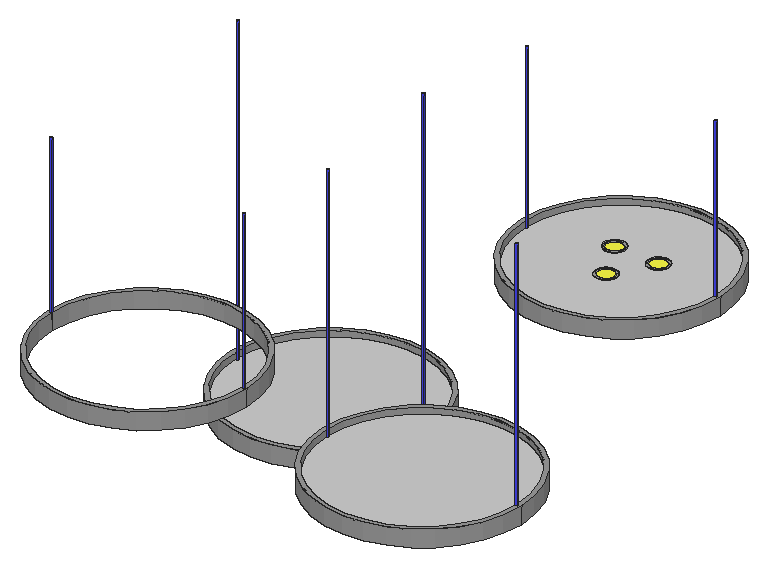
Revit family "CLD-FMD-009_CLUD MORPH_RFA", category Modelos genéricos, Revit 2022 (continued)
Forms (in)
  Extrusion 236, solid, not visible
    sketch origin (0.11662, 0.00149, -1.20924) x (0, 1, 0) y (0, 0, -1)
      loop
        line (0.96881, 1.14538) -> (0.96881, -1.85462) -> (0.65631, -1.85462) -> (0.65631, -2.35462) -> (0.96881, -2.35462) -> (3.48948, -2.35462) -> (3.48948, -0.60462) -> (4.19814, -0.60462) -> (4.19814, -2.35462) -> (9.23948, -2.35462) -> (9.23948, -0.60462) -> (9.94814, -0.60462) -> (9.94814, -2.35462) -> (14.98948, -2.35462) -> (14.98948, -0.60462) -> (15.69814, -0.60462) -> (15.69814, -2.35462) -> (20.73948, -2.35462) -> (20.73948, -0.60462) -> (21.44814, -0.60462) -> (21.44814, -2.35462) -> (24.28131, -2.35462) -> (24.28131, -1.85462) -> (23.96881, -1.85462) -> (23.96881, 1.14538) -> (0.96881, 1.14538)
    from -3.96341 to -3.49097
  Extrusion 237, solid, not visible
    sketch origin (-0.00149, 0.00149, -1.20924) x (0, 1, 0) y (0, 0, -1)
      loop
        line (0.96881, 1.14538) -> (0.96881, -1.85462) -> (0.65631, -1.85462) -> (0.65631, -2.35462) -> (0.96881, -2.35462) -> (3.48948, -2.35462) -> (3.48948, -0.60462) -> (4.19814, -0.60462) -> (4.19814, -2.35462) -> (9.23948, -2.35462) -> (9.23948, -0.60462) -> (9.94814, -0.60462) -> (9.94814, -2.35462) -> (14.98948, -2.35462) -> (14.98948, -0.60462) -> (15.69814, -0.60462) -> (15.69814, -2.35462) -> (20.73948, -2.35462) -> (20.73948, -0.60462) -> (21.44814, -0.60462) -> (21.44814, -2.35462) -> (24.28131, -2.35462) -> (24.28131, -1.85462) -> (23.96881, -1.85462) -> (23.96881, 1.14538) -> (0.96881, 1.14538)
    from -4.19963 to -4.08152
  Extrusion 238, solid, not visible
    sketch origin (0, 0, 0) x (1, 0, 0) y (0, 0, 1)
      loop
        line (0.96881, 0.64538) -> (0.96881, -2.35462) -> (3.48948, -2.35462) -> (3.48948, -0.60462) -> (4.19814, -0.60462) -> (4.19814, -2.35462) -> (9.23948, -2.35462) -> (9.23948, -0.60462) -> (9.94814, -0.60462) -> (9.94814, -2.35462) -> (14.98948, -2.35462) -> (14.98948, -0.60462) -> (15.69814, -0.60462) -> (15.69814, -2.35462) -> (20.73948, -2.35462) -> (20.73948, -0.60462) -> (21.44814, -0.60462) -> (21.44814, -2.35462) -> (23.96881, -2.35462) -> (23.96881, 0.64538) -> (24.28131, 0.64538) -> (24.28131, 1.14538) -> (0.65631, 1.14538) -> (0.65631, 0.64538) -> (0.96881, 0.64538)
    from -3.60908 to -3.49097
  Extrusion 239, solid, not visible
    sketch origin (0, 0, 0) x (1, 0, 0) y (0, 0, 1)
      loop
        line (0.96881, 0.64538) -> (0.96881, -2.35462) -> (3.48948, -2.35462) -> (3.48948, -0.60462) -> (4.19814, -0.60462) -> (4.19814, -2.35462) -> (9.23948, -2.35462) -> (9.23948, -0.60462) -> (9.94814, -0.60462) -> (9.94814, -2.35462) -> (14.98948, -2.35462) -> (14.98948, -0.60462) -> (15.69814, -0.60462) -> (15.69814, -2.35462) -> (20.73948, -2.35462) -> (20.73948, -0.60462) -> (21.44814, -0.60462) -> (21.44814, -2.35462) -> (23.96881, -2.35462) -> (23.96881, 0.64538) -> (24.28131, 0.64538) -> (24.28131, 1.14538) -> (0.65631, 1.14538) -> (0.65631, 0.64538) -> (0.96881, 0.64538)
    from -4.08152 to -3.60908
  Extrusion 240, solid, not visible
    sketch origin (0, 0, 0) x (1, 0, 0) y (0, 0, 1)
      loop
        line (0.96881, 0.64538) -> (0.96881, -2.35462) -> (3.48948, -2.35462) -> (3.48948, -0.60462) -> (4.19814, -0.60462) -> (4.19814, -2.35462) -> (9.23948, -2.35462) -> (9.23948, -0.60462) -> (9.94814, -0.60462) -> (9.94814, -2.35462) -> (14.98948, -2.35462) -> (14.98948, -0.60462) -> (15.69814, -0.60462) -> (15.69814, -2.35462) -> (20.73948, -2.35462) -> (20.73948, -0.60462) -> (21.44814, -0.60462) -> (21.44814, -2.35462) -> (23.96881, -2.35462) -> (23.96881, 0.64538) -> (24.28131, 0.64538) -> (24.28131, 1.14538) -> (0.65631, 1.14538) -> (0.65631, 0.64538) -> (0.96881, 0.64538)
    from -4.19963 to -4.08152
  Extrusion 241, solid, not visible
    sketch origin (0, 0, 0) x (1, 0, 0) y (0, 0, 1)
      loop
        line (0.96881, 0.64538) -> (0.96881, -2.35462) -> (3.48948, -2.35462) -> (3.48948, -0.60462) -> (4.19814, -0.60462) -> (4.19814, -2.35462) -> (9.23948, -2.35462) -> (9.23948, -0.60462) -> (9.94814, -0.60462) -> (9.94814, -2.35462) -> (14.98948, -2.35462) -> (14.98948, -0.60462) -> (15.69814, -0.60462) -> (15.69814, -2.35462) -> (20.73948, -2.35462) -> (20.73948, -0.60462) -> (21.44814, -0.60462) -> (21.44814, -2.35462) -> (23.96881, -2.35462) -> (23.96881, 0.64538) -> (24.28131, 0.64538) -> (24.28131, 1.14538) -> (0.65631, 1.14538) -> (0.65631, 0.64538) -> (0.96881, 0.64538)
    from -9.94963 to -9.83152
  Extrusion 242, solid, not visible
    sketch origin (0, 0, 0) x (1, 0, 0) y (0, 0, 1)
      loop
        line (0.96881, 0.64538) -> (0.96881, -2.35462) -> (3.48948, -2.35462) -> (3.48948, -0.60462) -> (4.19814, -0.60462) -> (4.19814, -2.35462) -> (9.23948, -2.35462) -> (9.23948, -0.60462) -> (9.94814, -0.60462) -> (9.94814, -2.35462) -> (14.98948, -2.35462) -> (14.98948, -0.60462) -> (15.69814, -0.60462) -> (15.69814, -2.35462) -> (20.73948, -2.35462) -> (20.73948, -0.60462) -> (21.44814, -0.60462) -> (21.44814, -2.35462) -> (23.96881, -2.35462) -> (23.96881, 0.64538) -> (24.28131, 0.64538) -> (24.28131, 1.14538) -> (0.65631, 1.14538) -> (0.65631, 0.64538) -> (0.96881, 0.64538)
    from -9.35908 to -9.24097
  Extrusion 243, solid, not visible
    sketch origin (0, 0, 0) x (1, 0, 0) y (0, 0, 1)
      loop
        line (0.96881, 0.64538) -> (0.96881, -2.35462) -> (3.48948, -2.35462) -> (3.48948, -0.60462) -> (4.19814, -0.60462) -> (4.19814, -2.35462) -> (9.23948, -2.35462) -> (9.23948, -0.60462) -> (9.94814, -0.60462) -> (9.94814, -2.35462) -> (14.98948, -2.35462) -> (14.98948, -0.60462) -> (15.69814, -0.60462) -> (15.69814, -2.35462) -> (20.73948, -2.35462) -> (20.73948, -0.60462) -> (21.44814, -0.60462) -> (21.44814, -2.35462) -> (23.96881, -2.35462) -> (23.96881, 0.64538) -> (24.28131, 0.64538) -> (24.28131, 1.14538) -> (0.65631, 1.14538) -> (0.65631, 0.64538) -> (0.96881, 0.64538)
    from -9.83152 to -9.35908
  Extrusion 244, solid, not visible
    sketch origin (0, 0, 0) x (1, 0, 0) y (0, 0, 1)
      loop
        line (0.96881, 0.64538) -> (0.96881, -2.35462) -> (3.48948, -2.35462) -> (3.48948, -0.60462) -> (4.19814, -0.60462) -> (4.19814, -2.35462) -> (9.23948, -2.35462) -> (9.23948, -0.60462) -> (9.94814, -0.60462) -> (9.94814, -2.35462) -> (14.98948, -2.35462) -> (14.98948, -0.60462) -> (15.69814, -0.60462) -> (15.69814, -2.35462) -> (20.73948, -2.35462) -> (20.73948, -0.60462) -> (21.44814, -0.60462) -> (21.44814, -2.35462) -> (23.96881, -2.35462) -> (23.96881, 0.64538) -> (24.28131, 0.64538) -> (24.28131, 1.14538) -> (0.65631, 1.14538) -> (0.65631, 0.64538) -> (0.96881, 0.64538)
    from -15.69963 to -15.58152
  Extrusion 245, solid, not visible
    sketch origin (0, 0, 0) x (1, 0, 0) y (0, 0, 1)
      loop
        line (0.96881, 0.64538) -> (0.96881, -2.35462) -> (3.48948, -2.35462) -> (3.48948, -0.60462) -> (4.19814, -0.60462) -> (4.19814, -2.35462) -> (9.23948, -2.35462) -> (9.23948, -0.60462) -> (9.94814, -0.60462) -> (9.94814, -2.35462) -> (14.98948, -2.35462) -> (14.98948, -0.60462) -> (15.69814, -0.60462) -> (15.69814, -2.35462) -> (20.73948, -2.35462) -> (20.73948, -0.60462) -> (21.44814, -0.60462) -> (21.44814, -2.35462) -> (23.96881, -2.35462) -> (23.96881, 0.64538) -> (24.28131, 0.64538) -> (24.28131, 1.14538) -> (0.65631, 1.14538) -> (0.65631, 0.64538) -> (0.96881, 0.64538)
    from -15.10908 to -14.99097
  Extrusion 246, solid, not visible
    sketch origin (0, 0, 0) x (1, 0, 0) y (0, 0, 1)
      loop
        line (0.96881, 0.64538) -> (0.96881, -2.35462) -> (3.48948, -2.35462) -> (3.48948, -0.60462) -> (4.19814, -0.60462) -> (4.19814, -2.35462) -> (9.23948, -2.35462) -> (9.23948, -0.60462) -> (9.94814, -0.60462) -> (9.94814, -2.35462) -> (14.98948, -2.35462) -> (14.98948, -0.60462) -> (15.69814, -0.60462) -> (15.69814, -2.35462) -> (20.73948, -2.35462) -> (20.73948, -0.60462) -> (21.44814, -0.60462) -> (21.44814, -2.35462) -> (23.96881, -2.35462) -> (23.96881, 0.64538) -> (24.28131, 0.64538) -> (24.28131, 1.14538) -> (0.65631, 1.14538) -> (0.65631, 0.64538) -> (0.96881, 0.64538)
    from -15.58152 to -15.10908
  Extrusion 247, solid, not visible
    sketch origin (0, 0, 0) x (1, 0, 0) y (0, 0, 1)
      loop
        line (0.96881, 0.64538) -> (0.96881, -2.35462) -> (3.48948, -2.35462) -> (3.48948, -0.60462) -> (4.19814, -0.60462) -> (4.19814, -2.35462) -> (9.23948, -2.35462) -> (9.23948, -0.60462) -> (9.94814, -0.60462) -> (9.94814, -2.35462) -> (14.98948, -2.35462) -> (14.98948, -0.60462) -> (15.69814, -0.60462) -> (15.69814, -2.35462) -> (20.73948, -2.35462) -> (20.73948, -0.60462) -> (21.44814, -0.60462) -> (21.44814, -2.35462) -> (23.96881, -2.35462) -> (23.96881, 0.64538) -> (24.28131, 0.64538) -> (24.28131, 1.14538) -> (0.65631, 1.14538) -> (0.65631, 0.64538) -> (0.96881, 0.64538)
    from -21.44963 to -21.33152
  Extrusion 248, solid, not visible
    sketch origin (0, 0, 0) x (1, 0, 0) y (0, 0, 1)
      loop
        line (0.96881, 0.64538) -> (0.96881, -2.35462) -> (3.48948, -2.35462) -> (3.48948, -0.60462) -> (4.19814, -0.60462) -> (4.19814, -2.35462) -> (9.23948, -2.35462) -> (9.23948, -0.60462) -> (9.94814, -0.60462) -> (9.94814, -2.35462) -> (14.98948, -2.35462) -> (14.98948, -0.60462) -> (15.69814, -0.60462) -> (15.69814, -2.35462) -> (20.73948, -2.35462) -> (20.73948, -0.60462) -> (21.44814, -0.60462) -> (21.44814, -2.35462) -> (23.96881, -2.35462) -> (23.96881, 0.64538) -> (24.28131, 0.64538) -> (24.28131, 1.14538) -> (0.65631, 1.14538) -> (0.65631, 0.64538) -> (0.96881, 0.64538)
    from -20.85908 to -20.74097
  Extrusion 249, solid, not visible
    sketch origin (0, 0, 0) x (1, 0, 0) y (0, 0, 1)
      loop
        line (0.96881, 0.64538) -> (0.96881, -2.35462) -> (3.48948, -2.35462) -> (3.48948, -0.60462) -> (4.19814, -0.60462) -> (4.19814, -2.35462) -> (9.23948, -2.35462) -> (9.23948, -0.60462) -> (9.94814, -0.60462) -> (9.94814, -2.35462) -> (14.98948, -2.35462) -> (14.98948, -0.60462) -> (15.69814, -0.60462) -> (15.69814, -2.35462) -> (20.73948, -2.35462) -> (20.73948, -0.60462) -> (21.44814, -0.60462) -> (21.44814, -2.35462) -> (23.96881, -2.35462) -> (23.96881, 0.64538) -> (24.28131, 0.64538) -> (24.28131, 1.14538) -> (0.65631, 1.14538) -> (0.65631, 0.64538) -> (0.96881, 0.64538)
    from -21.33152 to -20.85908
  Extrusion 250, solid, not visible
    sketch origin (-0.00149, 0.00149, -1.20924) x (0, 1, 0) y (0, 0, -1)
      loop
        line (0.96881, 1.14538) -> (0.96881, -1.85462) -> (0.65631, -1.85462) -> (0.65631, -2.35462) -> (0.96881, -2.35462) -> (3.48948, -2.35462) -> (3.48948, -0.60462) -> (4.19814, -0.60462) -> (4.19814, -2.35462) -> (9.23948, -2.35462) -> (9.23948, -0.60462) -> (9.94814, -0.60462) -> (9.94814, -2.35462) -> (14.98948, -2.35462) -> (14.98948, -0.60462) -> (15.69814, -0.60462) -> (15.69814, -2.35462) -> (20.73948, -2.35462) -> (20.73948, -0.60462) -> (21.44814, -0.60462) -> (21.44814, -2.35462) -> (24.28131, -2.35462) -> (24.28131, -1.85462) -> (23.96881, -1.85462) -> (23.96881, 1.14538) -> (0.96881, 1.14538)
    from -3.60908 to -3.49097
  Extrusion 251, solid, not visible
    sketch origin (0.11662, 0.00149, -1.20924) x (0, 1, 0) y (0, 0, -1)
      loop
        line (0.96881, 1.14538) -> (0.96881, -1.85462) -> (0.65631, -1.85462) -> (0.65631, -2.35462) -> (0.96881, -2.35462) -> (3.48948, -2.35462) -> (3.48948, -0.60462) -> (4.19814, -0.60462) -> (4.19814, -2.35462) -> (9.23948, -2.35462) -> (9.23948, -0.60462) -> (9.94814, -0.60462) -> (9.94814, -2.35462) -> (14.98948, -2.35462) -> (14.98948, -0.60462) -> (15.69814, -0.60462) -> (15.69814, -2.35462) -> (20.73948, -2.35462) -> (20.73948, -0.60462) -> (21.44814, -0.60462) -> (21.44814, -2.35462) -> (24.28131, -2.35462) -> (24.28131, -1.85462) -> (23.96881, -1.85462) -> (23.96881, 1.14538) -> (0.96881, 1.14538)
    from -3.96341 to -3.49097
  Extrusion 252, solid, not visible
    sketch origin (-0.00149, 0.00149, -1.20924) x (0, 1, 0) y (0, 0, -1)
      loop
        line (0.96881, 1.14538) -> (0.96881, -1.85462) -> (0.65631, -1.85462) -> (0.65631, -2.35462) -> (0.96881, -2.35462) -> (3.48948, -2.35462) -> (3.48948, -0.60462) -> (4.19814, -0.60462) -> (4.19814, -2.35462) -> (9.23948, -2.35462) -> (9.23948, -0.60462) -> (9.94814, -0.60462) -> (9.94814, -2.35462) -> (14.98948, -2.35462) -> (14.98948, -0.60462) -> (15.69814, -0.60462) -> (15.69814, -2.35462) -> (20.73948, -2.35462) -> (20.73948, -0.60462) -> (21.44814, -0.60462) -> (21.44814, -2.35462) -> (24.28131, -2.35462) -> (24.28131, -1.85462) -> (23.96881, -1.85462) -> (23.96881, 1.14538) -> (0.96881, 1.14538)
    from -4.19963 to -4.08152
  Extrusion 253, solid, not visible
    sketch origin (5.74851, 0.00149, -1.20924) x (0, 1, 0) y (0, 0, -1)
      loop
        line (0.96881, 1.14538) -> (0.96881, -1.85462) -> (0.65631, -1.85462) -> (0.65631, -2.35462) -> (0.96881, -2.35462) -> (3.48948, -2.35462) -> (3.48948, -0.60462) -> (4.19814, -0.60462) -> (4.19814, -2.35462) -> (9.23948, -2.35462) -> (9.23948, -0.60462) -> (9.94814, -0.60462) -> (9.94814, -2.35462) -> (14.98948, -2.35462) -> (14.98948, -0.60462) -> (15.69814, -0.60462) -> (15.69814, -2.35462) -> (20.73948, -2.35462) -> (20.73948, -0.60462) -> (21.44814, -0.60462) -> (21.44814, -2.35462) -> (24.28131, -2.35462) -> (24.28131, -1.85462) -> (23.96881, -1.85462) -> (23.96881, 1.14538) -> (0.96881, 1.14538)
    from -4.19963 to -4.08152
  Extrusion 254, solid, not visible
    sketch origin (5.15796, 0.00149, -1.20924) x (0, 1, 0) y (0, 0, -1)
      loop
        line (0.96881, 1.14538) -> (0.96881, -1.85462) -> (0.65631, -1.85462) -> (0.65631, -2.35462) -> (0.96881, -2.35462) -> (3.48948, -2.35462) -> (3.48948, -0.60462) -> (4.19814, -0.60462) -> (4.19814, -2.35462) -> (9.23948, -2.35462) -> (9.23948, -0.60462) -> (9.94814, -0.60462) -> (9.94814, -2.35462) -> (14.98948, -2.35462) -> (14.98948, -0.60462) -> (15.69814, -0.60462) -> (15.69814, -2.35462) -> (20.73948, -2.35462) -> (20.73948, -0.60462) -> (21.44814, -0.60462) -> (21.44814, -2.35462) -> (24.28131, -2.35462) -> (24.28131, -1.85462) -> (23.96881, -1.85462) -> (23.96881, 1.14538) -> (0.96881, 1.14538)
    from -4.19963 to -4.08152
  Extrusion 255, solid, not visible
    sketch origin (11.49851, 0.00149, -1.20924) x (0, 1, 0) y (0, 0, -1)
      loop
        line (0.96881, 1.14538) -> (0.96881, -1.85462) -> (0.65631, -1.85462) -> (0.65631, -2.35462) -> (0.96881, -2.35462) -> (3.48948, -2.35462) -> (3.48948, -0.60462) -> (4.19814, -0.60462) -> (4.19814, -2.35462) -> (9.23948, -2.35462) -> (9.23948, -0.60462) -> (9.94814, -0.60462) -> (9.94814, -2.35462) -> (14.98948, -2.35462) -> (14.98948, -0.60462) -> (15.69814, -0.60462) -> (15.69814, -2.35462) -> (20.73948, -2.35462) -> (20.73948, -0.60462) -> (21.44814, -0.60462) -> (21.44814, -2.35462) -> (24.28131, -2.35462) -> (24.28131, -1.85462) -> (23.96881, -1.85462) -> (23.96881, 1.14538) -> (0.96881, 1.14538)
    from -4.19963 to -4.08152
  Extrusion 256, solid, not visible
    sketch origin (10.90796, 0.00149, -1.20924) x (0, 1, 0) y (0, 0, -1)
      loop
        line (0.96881, 1.14538) -> (0.96881, -1.85462) -> (0.65631, -1.85462) -> (0.65631, -2.35462) -> (0.96881, -2.35462) -> (3.48948, -2.35462) -> (3.48948, -0.60462) -> (4.19814, -0.60462) -> (4.19814, -2.35462) -> (9.23948, -2.35462) -> (9.23948, -0.60462) -> (9.94814, -0.60462) -> (9.94814, -2.35462) -> (14.98948, -2.35462) -> (14.98948, -0.60462) -> (15.69814, -0.60462) -> (15.69814, -2.35462) -> (20.73948, -2.35462) -> (20.73948, -0.60462) -> (21.44814, -0.60462) -> (21.44814, -2.35462) -> (24.28131, -2.35462) -> (24.28131, -1.85462) -> (23.96881, -1.85462) -> (23.96881, 1.14538) -> (0.96881, 1.14538)
    from -4.19963 to -4.08152
  Extrusion 257, solid, not visible
    sketch origin (16.65796, 0.00149, -1.20924) x (0, 1, 0) y (0, 0, -1)
      loop
        line (0.96881, 1.14538) -> (0.96881, -1.85462) -> (0.65631, -1.85462) -> (0.65631, -2.35462) -> (0.96881, -2.35462) -> (3.48948, -2.35462) -> (3.48948, -0.60462) -> (4.19814, -0.60462) -> (4.19814, -2.35462) -> (9.23948, -2.35462) -> (9.23948, -0.60462) -> (9.94814, -0.60462) -> (9.94814, -2.35462) -> (14.98948, -2.35462) -> (14.98948, -0.60462) -> (15.69814, -0.60462) -> (15.69814, -2.35462) -> (20.73948, -2.35462) -> (20.73948, -0.60462) -> (21.44814, -0.60462) -> (21.44814, -2.35462) -> (24.28131, -2.35462) -> (24.28131, -1.85462) -> (23.96881, -1.85462) -> (23.96881, 1.14538) -> (0.96881, 1.14538)
    from -4.19963 to -4.08152
  Extrusion 258, solid, not visible
    sketch origin (17.24851, 0.00149, -1.20924) x (0, 1, 0) y (0, 0, -1)
      loop
        line (0.96881, 1.14538) -> (0.96881, -1.85462) -> (0.65631, -1.85462) -> (0.65631, -2.35462) -> (0.96881, -2.35462) -> (3.48948, -2.35462) -> (3.48948, -0.60462) -> (4.19814, -0.60462) -> (4.19814, -2.35462) -> (9.23948, -2.35462) -> (9.23948, -0.60462) -> (9.94814, -0.60462) -> (9.94814, -2.35462) -> (14.98948, -2.35462) -> (14.98948, -0.60462) -> (15.69814, -0.60462) -> (15.69814, -2.35462) -> (20.73948, -2.35462) -> (20.73948, -0.60462) -> (21.44814, -0.60462) -> (21.44814, -2.35462) -> (24.28131, -2.35462) -> (24.28131, -1.85462) -> (23.96881, -1.85462) -> (23.96881, 1.14538) -> (0.96881, 1.14538)
    from -4.19963 to -4.08152
  Extrusion 259, solid, not visible
    sketch origin (5.86662, 0.00149, -1.20924) x (0, 1, 0) y (0, 0, -1)
      loop
        line (0.96881, 1.14538) -> (0.96881, -1.85462) -> (0.65631, -1.85462) -> (0.65631, -2.35462) -> (0.96881, -2.35462) -> (3.48948, -2.35462) -> (3.48948, -0.60462) -> (4.19814, -0.60462) -> (4.19814, -2.35462) -> (9.23948, -2.35462) -> (9.23948, -0.60462) -> (9.94814, -0.60462) -> (9.94814, -2.35462) -> (14.98948, -2.35462) -> (14.98948, -0.60462) -> (15.69814, -0.60462) -> (15.69814, -2.35462) -> (20.73948, -2.35462) -> (20.73948, -0.60462) -> (21.44814, -0.60462) -> (21.44814, -2.35462) -> (24.28131, -2.35462) -> (24.28131, -1.85462) -> (23.96881, -1.85462) -> (23.96881, 1.14538) -> (0.96881, 1.14538)
    from -3.96341 to -3.49097
  Extrusion 260, solid, not visible
    sketch origin (11.61662, 0.00149, -1.20924) x (0, 1, 0) y (0, 0, -1)
      loop
        line (0.96881, 1.14538) -> (0.96881, -1.85462) -> (0.65631, -1.85462) -> (0.65631, -2.35462) -> (0.96881, -2.35462) -> (3.48948, -2.35462) -> (3.48948, -0.60462) -> (4.19814, -0.60462) -> (4.19814, -2.35462) -> (9.23948, -2.35462) -> (9.23948, -0.60462) -> (9.94814, -0.60462) -> (9.94814, -2.35462) -> (14.98948, -2.35462) -> (14.98948, -0.60462) -> (15.69814, -0.60462) -> (15.69814, -2.35462) -> (20.73948, -2.35462) -> (20.73948, -0.60462) -> (21.44814, -0.60462) -> (21.44814, -2.35462) -> (24.28131, -2.35462) -> (24.28131, -1.85462) -> (23.96881, -1.85462) -> (23.96881, 1.14538) -> (0.96881, 1.14538)
    from -3.96341 to -3.49097
  Extrusion 261, solid, not visible
    sketch origin (17.36662, 0.00149, -1.20924) x (0, 1, 0) y (0, 0, -1)
      loop
        line (0.96881, 1.14538) -> (0.96881, -1.85462) -> (0.65631, -1.85462) -> (0.65631, -2.35462) -> (0.96881, -2.35462) -> (3.48948, -2.35462) -> (3.48948, -0.60462) -> (4.19814, -0.60462) -> (4.19814, -2.35462) -> (9.23948, -2.35462) -> (9.23948, -0.60462) -> (9.94814, -0.60462) -> (9.94814, -2.35462) -> (14.98948, -2.35462) -> (14.98948, -0.60462) -> (15.69814, -0.60462) -> (15.69814, -2.35462) -> (20.73948, -2.35462) -> (20.73948, -0.60462) -> (21.44814, -0.60462) -> (21.44814, -2.35462) -> (24.28131, -2.35462) -> (24.28131, -1.85462) -> (23.96881, -1.85462) -> (23.96881, 1.14538) -> (0.96881, 1.14538)
    from -3.96341 to -3.49097
  Extrusion 262, solid, not visible
    sketch origin (0, 0, 0) x (1, 0, 0) y (0, 0, 1)
      loop
        line (0.96881, 0.64538) -> (0.96881, -2.35462) -> (3.48948, -2.35462) -> (3.48948, -0.60462) -> (4.19814, -0.60462) -> (4.19814, -2.35462) -> (9.23948, -2.35462) -> (9.23948, -0.60462) -> (9.94814, -0.60462) -> (9.94814, -2.35462) -> (14.98948, -2.35462) -> (14.98948, -0.60462) -> (15.69814, -0.60462) -> (15.69814, -2.35462) -> (20.73948, -2.35462) -> (20.73948, -0.60462) -> (21.44814, -0.60462) -> (21.44814, -2.35462) -> (23.96881, -2.35462) -> (23.96881, 0.64538) -> (24.28131, 0.64538) -> (24.28131, 1.14538) -> (0.65631, 1.14538) -> (0.65631, 0.64538) -> (0.96881, 0.64538)
    from -3.60908 to -3.49097
  Extrusion 263, solid, not visible
    sketch origin (0, 0, 0) x (1, 0, 0) y (0, 0, 1)
      loop
        line (0.96881, 0.64538) -> (0.96881, -2.35462) -> (3.48948, -2.35462) -> (3.48948, -0.60462) -> (4.19814, -0.60462) -> (4.19814, -2.35462) -> (9.23948, -2.35462) -> (9.23948, -0.60462) -> (9.94814, -0.60462) -> (9.94814, -2.35462) -> (14.98948, -2.35462) -> (14.98948, -0.60462) -> (15.69814, -0.60462) -> (15.69814, -2.35462) -> (20.73948, -2.35462) -> (20.73948, -0.60462) -> (21.44814, -0.60462) -> (21.44814, -2.35462) -> (23.96881, -2.35462) -> (23.96881, 0.64538) -> (24.28131, 0.64538) -> (24.28131, 1.14538) -> (0.65631, 1.14538) -> (0.65631, 0.64538) -> (0.96881, 0.64538)
    from -4.08152 to -3.60908
  Extrusion 264, solid, not visible
    sketch origin (0, 0, 0) x (1, 0, 0) y (0, 0, 1)
      loop
        line (0.96881, 0.64538) -> (0.96881, -2.35462) -> (3.48948, -2.35462) -> (3.48948, -0.60462) -> (4.19814, -0.60462) -> (4.19814, -2.35462) -> (9.23948, -2.35462) -> (9.23948, -0.60462) -> (9.94814, -0.60462) -> (9.94814, -2.35462) -> (14.98948, -2.35462) -> (14.98948, -0.60462) -> (15.69814, -0.60462) -> (15.69814, -2.35462) -> (20.73948, -2.35462) -> (20.73948, -0.60462) -> (21.44814, -0.60462) -> (21.44814, -2.35462) -> (23.96881, -2.35462) -> (23.96881, 0.64538) -> (24.28131, 0.64538) -> (24.28131, 1.14538) -> (0.65631, 1.14538) -> (0.65631, 0.64538) -> (0.96881, 0.64538)
    from -4.19963 to -4.08152
  Extrusion 265, solid, not visible
    sketch origin (-0.00149, 0.00149, -1.20924) x (0, 1, 0) y (0, 0, -1)
      loop
        line (0.96881, 1.14538) -> (0.96881, -1.85462) -> (0.65631, -1.85462) -> (0.65631, -2.35462) -> (0.96881, -2.35462) -> (3.48948, -2.35462) -> (3.48948, -0.60462) -> (4.19814, -0.60462) -> (4.19814, -2.35462) -> (9.23948, -2.35462) -> (9.23948, -0.60462) -> (9.94814, -0.60462) -> (9.94814, -2.35462) -> (14.98948, -2.35462) -> (14.98948, -0.60462) -> (15.69814, -0.60462) -> (15.69814, -2.35462) -> (20.73948, -2.35462) -> (20.73948, -0.60462) -> (21.44814, -0.60462) -> (21.44814, -2.35462) -> (24.28131, -2.35462) -> (24.28131, -1.85462) -> (23.96881, -1.85462) -> (23.96881, 1.14538) -> (0.96881, 1.14538)
    from -3.60908 to -3.49097
  Extrusion 266, solid, not visible
    sketch origin (0.11662, 0.00149, -1.20924) x (0, 1, 0) y (0, 0, -1)
      loop
        line (0.96881, 1.14538) -> (0.96881, -1.85462) -> (0.65631, -1.85462) -> (0.65631, -2.35462) -> (0.96881, -2.35462) -> (3.48948, -2.35462) -> (3.48948, -0.60462) -> (4.19814, -0.60462) -> (4.19814, -2.35462) -> (9.23948, -2.35462) -> (9.23948, -0.60462) -> (9.94814, -0.60462) -> (9.94814, -2.35462) -> (14.98948, -2.35462) -> (14.98948, -0.60462) -> (15.69814, -0.60462) -> (15.69814, -2.35462) -> (20.73948, -2.35462) -> (20.73948, -0.60462) -> (21.44814, -0.60462) -> (21.44814, -2.35462) -> (24.28131, -2.35462) -> (24.28131, -1.85462) -> (23.96881, -1.85462) -> (23.96881, 1.14538) -> (0.96881, 1.14538)
    from -3.96341 to -3.49097
  Extrusion 267, solid, not visible
    sketch origin (-0.00149, 0.00149, -1.20924) x (0, 1, 0) y (0, 0, -1)
      loop
        line (0.96881, 1.14538) -> (0.96881, -1.85462) -> (0.65631, -1.85462) -> (0.65631, -2.35462) -> (0.96881, -2.35462) -> (3.48948, -2.35462) -> (3.48948, -0.60462) -> (4.19814, -0.60462) -> (4.19814, -2.35462) -> (9.23948, -2.35462) -> (9.23948, -0.60462) -> (9.94814, -0.60462) -> (9.94814, -2.35462) -> (14.98948, -2.35462) -> (14.98948, -0.60462) -> (15.69814, -0.60462) -> (15.69814, -2.35462) -> (20.73948, -2.35462) -> (20.73948, -0.60462) -> (21.44814, -0.60462) -> (21.44814, -2.35462) -> (24.28131, -2.35462) -> (24.28131, -1.85462) -> (23.96881, -1.85462) -> (23.96881, 1.14538) -> (0.96881, 1.14538)
    from -4.19963 to -4.08152
  Extrusion 268, solid, not visible
    sketch origin (0, 0, 0) x (1, 0, 0) y (0, 0, 1)
      loop
        line (0.96881, 0.64538) -> (0.96881, -2.35462) -> (3.48948, -2.35462) -> (3.48948, -0.60462) -> (4.19814, -0.60462) -> (4.19814, -2.35462) -> (9.23948, -2.35462) -> (9.23948, -0.60462) -> (9.94814, -0.60462) -> (9.94814, -2.35462) -> (14.98948, -2.35462) -> (14.98948, -0.60462) -> (15.69814, -0.60462) -> (15.69814, -2.35462) -> (20.73948, -2.35462) -> (20.73948, -0.60462) -> (21.44814, -0.60462) -> (21.44814, -2.35462) -> (23.96881, -2.35462) -> (23.96881, 0.64538) -> (24.28131, 0.64538) -> (24.28131, 1.14538) -> (0.65631, 1.14538) -> (0.65631, 0.64538) -> (0.96881, 0.64538)
    from -9.94963 to -9.83152
  Extrusion 269, solid, not visible
    sketch origin (0, 0, 0) x (1, 0, 0) y (0, 0, 1)
      loop
        line (0.96881, 0.64538) -> (0.96881, -2.35462) -> (3.48948, -2.35462) -> (3.48948, -0.60462) -> (4.19814, -0.60462) -> (4.19814, -2.35462) -> (9.23948, -2.35462) -> (9.23948, -0.60462) -> (9.94814, -0.60462) -> (9.94814, -2.35462) -> (14.98948, -2.35462) -> (14.98948, -0.60462) -> (15.69814, -0.60462) -> (15.69814, -2.35462) -> (20.73948, -2.35462) -> (20.73948, -0.60462) -> (21.44814, -0.60462) -> (21.44814, -2.35462) -> (23.96881, -2.35462) -> (23.96881, 0.64538) -> (24.28131, 0.64538) -> (24.28131, 1.14538) -> (0.65631, 1.14538) -> (0.65631, 0.64538) -> (0.96881, 0.64538)
    from -9.35908 to -9.24097
  Extrusion 270, solid, not visible
    sketch origin (0, 0, 0) x (1, 0, 0) y (0, 0, 1)
      loop
        line (0.96881, 0.64538) -> (0.96881, -2.35462) -> (3.48948, -2.35462) -> (3.48948, -0.60462) -> (4.19814, -0.60462) -> (4.19814, -2.35462) -> (9.23948, -2.35462) -> (9.23948, -0.60462) -> (9.94814, -0.60462) -> (9.94814, -2.35462) -> (14.98948, -2.35462) -> (14.98948, -0.60462) -> (15.69814, -0.60462) -> (15.69814, -2.35462) -> (20.73948, -2.35462) -> (20.73948, -0.60462) -> (21.44814, -0.60462) -> (21.44814, -2.35462) -> (23.96881, -2.35462) -> (23.96881, 0.64538) -> (24.28131, 0.64538) -> (24.28131, 1.14538) -> (0.65631, 1.14538) -> (0.65631, 0.64538) -> (0.96881, 0.64538)
    from -9.83152 to -9.35908
  Extrusion 271, solid, not visible
    sketch origin (0, 0, 0) x (1, 0, 0) y (0, 0, 1)
      loop
        line (0.96881, 0.64538) -> (0.96881, -2.35462) -> (3.48948, -2.35462) -> (3.48948, -0.60462) -> (4.19814, -0.60462) -> (4.19814, -2.35462) -> (9.23948, -2.35462) -> (9.23948, -0.60462) -> (9.94814, -0.60462) -> (9.94814, -2.35462) -> (14.98948, -2.35462) -> (14.98948, -0.60462) -> (15.69814, -0.60462) -> (15.69814, -2.35462) -> (20.73948, -2.35462) -> (20.73948, -0.60462) -> (21.44814, -0.60462) -> (21.44814, -2.35462) -> (23.96881, -2.35462) -> (23.96881, 0.64538) -> (24.28131, 0.64538) -> (24.28131, 1.14538) -> (0.65631, 1.14538) -> (0.65631, 0.64538) -> (0.96881, 0.64538)
    from -15.69963 to -15.58152
  Extrusion 272, solid, not visible
    sketch origin (0, 0, 0) x (1, 0, 0) y (0, 0, 1)
      loop
        line (0.96881, 0.64538) -> (0.96881, -2.35462) -> (3.48948, -2.35462) -> (3.48948, -0.60462) -> (4.19814, -0.60462) -> (4.19814, -2.35462) -> (9.23948, -2.35462) -> (9.23948, -0.60462) -> (9.94814, -0.60462) -> (9.94814, -2.35462) -> (14.98948, -2.35462) -> (14.98948, -0.60462) -> (15.69814, -0.60462) -> (15.69814, -2.35462) -> (20.73948, -2.35462) -> (20.73948, -0.60462) -> (21.44814, -0.60462) -> (21.44814, -2.35462) -> (23.96881, -2.35462) -> (23.96881, 0.64538) -> (24.28131, 0.64538) -> (24.28131, 1.14538) -> (0.65631, 1.14538) -> (0.65631, 0.64538) -> (0.96881, 0.64538)
    from -15.10908 to -14.99097
  Extrusion 273, solid, not visible
    sketch origin (0, 0, 0) x (1, 0, 0) y (0, 0, 1)
      loop
        line (0.96881, 0.64538) -> (0.96881, -2.35462) -> (3.48948, -2.35462) -> (3.48948, -0.60462) -> (4.19814, -0.60462) -> (4.19814, -2.35462) -> (9.23948, -2.35462) -> (9.23948, -0.60462) -> (9.94814, -0.60462) -> (9.94814, -2.35462) -> (14.98948, -2.35462) -> (14.98948, -0.60462) -> (15.69814, -0.60462) -> (15.69814, -2.35462) -> (20.73948, -2.35462) -> (20.73948, -0.60462) -> (21.44814, -0.60462) -> (21.44814, -2.35462) -> (23.96881, -2.35462) -> (23.96881, 0.64538) -> (24.28131, 0.64538) -> (24.28131, 1.14538) -> (0.65631, 1.14538) -> (0.65631, 0.64538) -> (0.96881, 0.64538)
    from -15.58152 to -15.10908
  Extrusion 274, solid, not visible
    sketch origin (0, 0, 0) x (1, 0, 0) y (0, 0, 1)
      loop
        line (0.96881, 0.64538) -> (0.96881, -2.35462) -> (3.48948, -2.35462) -> (3.48948, -0.60462) -> (4.19814, -0.60462) -> (4.19814, -2.35462) -> (9.23948, -2.35462) -> (9.23948, -0.60462) -> (9.94814, -0.60462) -> (9.94814, -2.35462) -> (14.98948, -2.35462) -> (14.98948, -0.60462) -> (15.69814, -0.60462) -> (15.69814, -2.35462) -> (20.73948, -2.35462) -> (20.73948, -0.60462) -> (21.44814, -0.60462) -> (21.44814, -2.35462) -> (23.96881, -2.35462) -> (23.96881, 0.64538) -> (24.28131, 0.64538) -> (24.28131, 1.14538) -> (0.65631, 1.14538) -> (0.65631, 0.64538) -> (0.96881, 0.64538)
    from -21.44963 to -21.33152
  Extrusion 275, solid, not visible
    sketch origin (0, 0, 0) x (1, 0, 0) y (0, 0, 1)
      loop
        line (0.96881, 0.64538) -> (0.96881, -2.35462) -> (3.48948, -2.35462) -> (3.48948, -0.60462) -> (4.19814, -0.60462) -> (4.19814, -2.35462) -> (9.23948, -2.35462) -> (9.23948, -0.60462) -> (9.94814, -0.60462) -> (9.94814, -2.35462) -> (14.98948, -2.35462) -> (14.98948, -0.60462) -> (15.69814, -0.60462) -> (15.69814, -2.35462) -> (20.73948, -2.35462) -> (20.73948, -0.60462) -> (21.44814, -0.60462) -> (21.44814, -2.35462) -> (23.96881, -2.35462) -> (23.96881, 0.64538) -> (24.28131, 0.64538) -> (24.28131, 1.14538) -> (0.65631, 1.14538) -> (0.65631, 0.64538) -> (0.96881, 0.64538)
    from -20.85908 to -20.74097
  Extrusion 276, solid, not visible
    sketch origin (0, 0, 0) x (1, 0, 0) y (0, 0, 1)
      loop
        line (0.96881, 0.64538) -> (0.96881, -2.35462) -> (3.48948, -2.35462) -> (3.48948, -0.60462) -> (4.19814, -0.60462) -> (4.19814, -2.35462) -> (9.23948, -2.35462) -> (9.23948, -0.60462) -> (9.94814, -0.60462) -> (9.94814, -2.35462) -> (14.98948, -2.35462) -> (14.98948, -0.60462) -> (15.69814, -0.60462) -> (15.69814, -2.35462) -> (20.73948, -2.35462) -> (20.73948, -0.60462) -> (21.44814, -0.60462) -> (21.44814, -2.35462) -> (23.96881, -2.35462) -> (23.96881, 0.64538) -> (24.28131, 0.64538) -> (24.28131, 1.14538) -> (0.65631, 1.14538) -> (0.65631, 0.64538) -> (0.96881, 0.64538)
    from -21.33152 to -20.85908
  Extrusion 277, solid, not visible
    sketch origin (5.74851, 0.00149, -1.20924) x (0, 1, 0) y (0, 0, -1)
      loop
        line (0.96881, 1.14538) -> (0.96881, -1.85462) -> (0.65631, -1.85462) -> (0.65631, -2.35462) -> (0.96881, -2.35462) -> (3.48948, -2.35462) -> (3.48948, -0.60462) -> (4.19814, -0.60462) -> (4.19814, -2.35462) -> (9.23948, -2.35462) -> (9.23948, -0.60462) -> (9.94814, -0.60462) -> (9.94814, -2.35462) -> (14.98948, -2.35462) -> (14.98948, -0.60462) -> (15.69814, -0.60462) -> (15.69814, -2.35462) -> (20.73948, -2.35462) -> (20.73948, -0.60462) -> (21.44814, -0.60462) -> (21.44814, -2.35462) -> (24.28131, -2.35462) -> (24.28131, -1.85462) -> (23.96881, -1.85462) -> (23.96881, 1.14538) -> (0.96881, 1.14538)
    from -4.19963 to -4.08152
  Extrusion 278, solid, not visible
    sketch origin (5.15796, 0.00149, -1.20924) x (0, 1, 0) y (0, 0, -1)
      loop
        line (0.96881, 1.14538) -> (0.96881, -1.85462) -> (0.65631, -1.85462) -> (0.65631, -2.35462) -> (0.96881, -2.35462) -> (3.48948, -2.35462) -> (3.48948, -0.60462) -> (4.19814, -0.60462) -> (4.19814, -2.35462) -> (9.23948, -2.35462) -> (9.23948, -0.60462) -> (9.94814, -0.60462) -> (9.94814, -2.35462) -> (14.98948, -2.35462) -> (14.98948, -0.60462) -> (15.69814, -0.60462) -> (15.69814, -2.35462) -> (20.73948, -2.35462) -> (20.73948, -0.60462) -> (21.44814, -0.60462) -> (21.44814, -2.35462) -> (24.28131, -2.35462) -> (24.28131, -1.85462) -> (23.96881, -1.85462) -> (23.96881, 1.14538) -> (0.96881, 1.14538)
    from -4.19963 to -4.08152
  Extrusion 279, solid, not visible
    sketch origin (11.49851, 0.00149, -1.20924) x (0, 1, 0) y (0, 0, -1)
      loop
        line (0.96881, 1.14538) -> (0.96881, -1.85462) -> (0.65631, -1.85462) -> (0.65631, -2.35462) -> (0.96881, -2.35462) -> (3.48948, -2.35462) -> (3.48948, -0.60462) -> (4.19814, -0.60462) -> (4.19814, -2.35462) -> (9.23948, -2.35462) -> (9.23948, -0.60462) -> (9.94814, -0.60462) -> (9.94814, -2.35462) -> (14.98948, -2.35462) -> (14.98948, -0.60462) -> (15.69814, -0.60462) -> (15.69814, -2.35462) -> (20.73948, -2.35462) -> (20.73948, -0.60462) -> (21.44814, -0.60462) -> (21.44814, -2.35462) -> (24.28131, -2.35462) -> (24.28131, -1.85462) -> (23.96881, -1.85462) -> (23.96881, 1.14538) -> (0.96881, 1.14538)
    from -4.19963 to -4.08152
  Extrusion 280, solid, not visible
    sketch origin (10.90796, 0.00149, -1.20924) x (0, 1, 0) y (0, 0, -1)
      loop
        line (0.96881, 1.14538) -> (0.96881, -1.85462) -> (0.65631, -1.85462) -> (0.65631, -2.35462) -> (0.96881, -2.35462) -> (3.48948, -2.35462) -> (3.48948, -0.60462) -> (4.19814, -0.60462) -> (4.19814, -2.35462) -> (9.23948, -2.35462) -> (9.23948, -0.60462) -> (9.94814, -0.60462) -> (9.94814, -2.35462) -> (14.98948, -2.35462) -> (14.98948, -0.60462) -> (15.69814, -0.60462) -> (15.69814, -2.35462) -> (20.73948, -2.35462) -> (20.73948, -0.60462) -> (21.44814, -0.60462) -> (21.44814, -2.35462) -> (24.28131, -2.35462) -> (24.28131, -1.85462) -> (23.96881, -1.85462) -> (23.96881, 1.14538) -> (0.96881, 1.14538)
    from -4.19963 to -4.08152
  Extrusion 281, solid, not visible
    sketch origin (16.65796, 0.00149, -1.20924) x (0, 1, 0) y (0, 0, -1)
      loop
        line (0.96881, 1.14538) -> (0.96881, -1.85462) -> (0.65631, -1.85462) -> (0.65631, -2.35462) -> (0.96881, -2.35462) -> (3.48948, -2.35462) -> (3.48948, -0.60462) -> (4.19814, -0.60462) -> (4.19814, -2.35462) -> (9.23948, -2.35462) -> (9.23948, -0.60462) -> (9.94814, -0.60462) -> (9.94814, -2.35462) -> (14.98948, -2.35462) -> (14.98948, -0.60462) -> (15.69814, -0.60462) -> (15.69814, -2.35462) -> (20.73948, -2.35462) -> (20.73948, -0.60462) -> (21.44814, -0.60462) -> (21.44814, -2.35462) -> (24.28131, -2.35462) -> (24.28131, -1.85462) -> (23.96881, -1.85462) -> (23.96881, 1.14538) -> (0.96881, 1.14538)
    from -4.19963 to -4.08152
  Extrusion 282, solid, not visible
    sketch origin (17.24851, 0.00149, -1.20924) x (0, 1, 0) y (0, 0, -1)
      loop
        line (0.96881, 1.14538) -> (0.96881, -1.85462) -> (0.65631, -1.85462) -> (0.65631, -2.35462) -> (0.96881, -2.35462) -> (3.48948, -2.35462) -> (3.48948, -0.60462) -> (4.19814, -0.60462) -> (4.19814, -2.35462) -> (9.23948, -2.35462) -> (9.23948, -0.60462) -> (9.94814, -0.60462) -> (9.94814, -2.35462) -> (14.98948, -2.35462) -> (14.98948, -0.60462) -> (15.69814, -0.60462) -> (15.69814, -2.35462) -> (20.73948, -2.35462) -> (20.73948, -0.60462) -> (21.44814, -0.60462) -> (21.44814, -2.35462) -> (24.28131, -2.35462) -> (24.28131, -1.85462) -> (23.96881, -1.85462) -> (23.96881, 1.14538) -> (0.96881, 1.14538)
    from -4.19963 to -4.08152
  Extrusion 283, solid, not visible
    sketch origin (5.86662, 0.00149, -1.20924) x (0, 1, 0) y (0, 0, -1)
      loop
        line (0.96881, 1.14538) -> (0.96881, -1.85462) -> (0.65631, -1.85462) -> (0.65631, -2.35462) -> (0.96881, -2.35462) -> (3.48948, -2.35462) -> (3.48948, -0.60462) -> (4.19814, -0.60462) -> (4.19814, -2.35462) -> (9.23948, -2.35462) -> (9.23948, -0.60462) -> (9.94814, -0.60462) -> (9.94814, -2.35462) -> (14.98948, -2.35462) -> (14.98948, -0.60462) -> (15.69814, -0.60462) -> (15.69814, -2.35462) -> (20.73948, -2.35462) -> (20.73948, -0.60462) -> (21.44814, -0.60462) -> (21.44814, -2.35462) -> (24.28131, -2.35462) -> (24.28131, -1.85462) -> (23.96881, -1.85462) -> (23.96881, 1.14538) -> (0.96881, 1.14538)
    from -3.96341 to -3.49097
  Extrusion 284, solid, not visible
    sketch origin (11.61662, 0.00149, -1.20924) x (0, 1, 0) y (0, 0, -1)
      loop
        line (0.96881, 1.14538) -> (0.96881, -1.85462) -> (0.65631, -1.85462) -> (0.65631, -2.35462) -> (0.96881, -2.35462) -> (3.48948, -2.35462) -> (3.48948, -0.60462) -> (4.19814, -0.60462) -> (4.19814, -2.35462) -> (9.23948, -2.35462) -> (9.23948, -0.60462) -> (9.94814, -0.60462) -> (9.94814, -2.35462) -> (14.98948, -2.35462) -> (14.98948, -0.60462) -> (15.69814, -0.60462) -> (15.69814, -2.35462) -> (20.73948, -2.35462) -> (20.73948, -0.60462) -> (21.44814, -0.60462) -> (21.44814, -2.35462) -> (24.28131, -2.35462) -> (24.28131, -1.85462) -> (23.96881, -1.85462) -> (23.96881, 1.14538) -> (0.96881, 1.14538)
    from -3.96341 to -3.49097
  Extrusion 285, solid, not visible
    sketch origin (17.36662, 0.00149, -1.20924) x (0, 1, 0) y (0, 0, -1)
      loop
        line (0.96881, 1.14538) -> (0.96881, -1.85462) -> (0.65631, -1.85462) -> (0.65631, -2.35462) -> (0.96881, -2.35462) -> (3.48948, -2.35462) -> (3.48948, -0.60462) -> (4.19814, -0.60462) -> (4.19814, -2.35462) -> (9.23948, -2.35462) -> (9.23948, -0.60462) -> (9.94814, -0.60462) -> (9.94814, -2.35462) -> (14.98948, -2.35462) -> (14.98948, -0.60462) -> (15.69814, -0.60462) -> (15.69814, -2.35462) -> (20.73948, -2.35462) -> (20.73948, -0.60462) -> (21.44814, -0.60462) -> (21.44814, -2.35462) -> (24.28131, -2.35462) -> (24.28131, -1.85462) -> (23.96881, -1.85462) -> (23.96881, 1.14538) -> (0.96881, 1.14538)
    from -3.96341 to -3.49097
  Extrusion 286, solid, not visible
    sketch origin (-44, 0, 0) x (1, 0, 0) y (0, 0, 1)
      loop
        line (0.96881, 0.64538) -> (0.96881, -2.35462) -> (3.48948, -2.35462) -> (3.48948, -0.60462) -> (4.19814, -0.60462) -> (4.19814, -2.35462) -> (9.23948, -2.35462) -> (9.23948, -0.60462) -> (9.94814, -0.60462) -> (9.94814, -2.35462) -> (14.98948, -2.35462) -> (14.98948, -0.60462) -> (15.69814, -0.60462) -> (15.69814, -2.35462) -> (20.73948, -2.35462) -> (20.73948, -0.60462) -> (21.44814, -0.60462) -> (21.44814, -2.35462) -> (23.96881, -2.35462) -> (23.96881, 0.64538) -> (24.28131, 0.64538) -> (24.28131, 1.14538) -> (0.65631, 1.14538) -> (0.65631, 0.64538) -> (0.96881, 0.64538)
    from -3.60908 to -3.49097
  Extrusion 287, solid, not visible
    sketch origin (-44, 0, 0) x (1, 0, 0) y (0, 0, 1)
      loop
        line (0.96881, 0.64538) -> (0.96881, -2.35462) -> (3.48948, -2.35462) -> (3.48948, -0.60462) -> (4.19814, -0.60462) -> (4.19814, -2.35462) -> (9.23948, -2.35462) -> (9.23948, -0.60462) -> (9.94814, -0.60462) -> (9.94814, -2.35462) -> (14.98948, -2.35462) -> (14.98948, -0.60462) -> (15.69814, -0.60462) -> (15.69814, -2.35462) -> (20.73948, -2.35462) -> (20.73948, -0.60462) -> (21.44814, -0.60462) -> (21.44814, -2.35462) -> (23.96881, -2.35462) -> (23.96881, 0.64538) -> (24.28131, 0.64538) -> (24.28131, 1.14538) -> (0.65631, 1.14538) -> (0.65631, 0.64538) -> (0.96881, 0.64538)
    from -4.08152 to -3.60908
  Extrusion 288, solid, not visible
    sketch origin (-44, 0, 0) x (1, 0, 0) y (0, 0, 1)
      loop
        line (0.96881, 0.64538) -> (0.96881, -2.35462) -> (3.48948, -2.35462) -> (3.48948, -0.60462) -> (4.19814, -0.60462) -> (4.19814, -2.35462) -> (9.23948, -2.35462) -> (9.23948, -0.60462) -> (9.94814, -0.60462) -> (9.94814, -2.35462) -> (14.98948, -2.35462) -> (14.98948, -0.60462) -> (15.69814, -0.60462) -> (15.69814, -2.35462) -> (20.73948, -2.35462) -> (20.73948, -0.60462) -> (21.44814, -0.60462) -> (21.44814, -2.35462) -> (23.96881, -2.35462) -> (23.96881, 0.64538) -> (24.28131, 0.64538) -> (24.28131, 1.14538) -> (0.65631, 1.14538) -> (0.65631, 0.64538) -> (0.96881, 0.64538)
    from -4.19963 to -4.08152
  Extrusion 289, solid, not visible
    sketch origin (-44, 0, 0) x (1, 0, 0) y (0, 0, 1)
      loop
        line (0.96881, 0.64538) -> (0.96881, -2.35462) -> (3.48948, -2.35462) -> (3.48948, -0.60462) -> (4.19814, -0.60462) -> (4.19814, -2.35462) -> (9.23948, -2.35462) -> (9.23948, -0.60462) -> (9.94814, -0.60462) -> (9.94814, -2.35462) -> (14.98948, -2.35462) -> (14.98948, -0.60462) -> (15.69814, -0.60462) -> (15.69814, -2.35462) -> (20.73948, -2.35462) -> (20.73948, -0.60462) -> (21.44814, -0.60462) -> (21.44814, -2.35462) -> (23.96881, -2.35462) -> (23.96881, 0.64538) -> (24.28131, 0.64538) -> (24.28131, 1.14538) -> (0.65631, 1.14538) -> (0.65631, 0.64538) -> (0.96881, 0.64538)
    from -9.94963 to -9.83152
  Extrusion 290, solid, not visible
    sketch origin (-44, 0, 0) x (1, 0, 0) y (0, 0, 1)
      loop
        line (0.96881, 0.64538) -> (0.96881, -2.35462) -> (3.48948, -2.35462) -> (3.48948, -0.60462) -> (4.19814, -0.60462) -> (4.19814, -2.35462) -> (9.23948, -2.35462) -> (9.23948, -0.60462) -> (9.94814, -0.60462) -> (9.94814, -2.35462) -> (14.98948, -2.35462) -> (14.98948, -0.60462) -> (15.69814, -0.60462) -> (15.69814, -2.35462) -> (20.73948, -2.35462) -> (20.73948, -0.60462) -> (21.44814, -0.60462) -> (21.44814, -2.35462) -> (23.96881, -2.35462) -> (23.96881, 0.64538) -> (24.28131, 0.64538) -> (24.28131, 1.14538) -> (0.65631, 1.14538) -> (0.65631, 0.64538) -> (0.96881, 0.64538)
    from -9.35908 to -9.24097
  Extrusion 291, solid, not visible
    sketch origin (-44, 0, 0) x (1, 0, 0) y (0, 0, 1)
      loop
        line (0.96881, 0.64538) -> (0.96881, -2.35462) -> (3.48948, -2.35462) -> (3.48948, -0.60462) -> (4.19814, -0.60462) -> (4.19814, -2.35462) -> (9.23948, -2.35462) -> (9.23948, -0.60462) -> (9.94814, -0.60462) -> (9.94814, -2.35462) -> (14.98948, -2.35462) -> (14.98948, -0.60462) -> (15.69814, -0.60462) -> (15.69814, -2.35462) -> (20.73948, -2.35462) -> (20.73948, -0.60462) -> (21.44814, -0.60462) -> (21.44814, -2.35462) -> (23.96881, -2.35462) -> (23.96881, 0.64538) -> (24.28131, 0.64538) -> (24.28131, 1.14538) -> (0.65631, 1.14538) -> (0.65631, 0.64538) -> (0.96881, 0.64538)
    from -9.83152 to -9.35908
  Extrusion 292, solid, not visible
    sketch origin (-44, 0, 0) x (1, 0, 0) y (0, 0, 1)
      loop
        line (0.96881, 0.64538) -> (0.96881, -2.35462) -> (3.48948, -2.35462) -> (3.48948, -0.60462) -> (4.19814, -0.60462) -> (4.19814, -2.35462) -> (9.23948, -2.35462) -> (9.23948, -0.60462) -> (9.94814, -0.60462) -> (9.94814, -2.35462) -> (14.98948, -2.35462) -> (14.98948, -0.60462) -> (15.69814, -0.60462) -> (15.69814, -2.35462) -> (20.73948, -2.35462) -> (20.73948, -0.60462) -> (21.44814, -0.60462) -> (21.44814, -2.35462) -> (23.96881, -2.35462) -> (23.96881, 0.64538) -> (24.28131, 0.64538) -> (24.28131, 1.14538) -> (0.65631, 1.14538) -> (0.65631, 0.64538) -> (0.96881, 0.64538)
    from -15.69963 to -15.58152
  Extrusion 293, solid, not visible
    sketch origin (-44, 0, 0) x (1, 0, 0) y (0, 0, 1)
      loop
        line (0.96881, 0.64538) -> (0.96881, -2.35462) -> (3.48948, -2.35462) -> (3.48948, -0.60462) -> (4.19814, -0.60462) -> (4.19814, -2.35462) -> (9.23948, -2.35462) -> (9.23948, -0.60462) -> (9.94814, -0.60462) -> (9.94814, -2.35462) -> (14.98948, -2.35462) -> (14.98948, -0.60462) -> (15.69814, -0.60462) -> (15.69814, -2.35462) -> (20.73948, -2.35462) -> (20.73948, -0.60462) -> (21.44814, -0.60462) -> (21.44814, -2.35462) -> (23.96881, -2.35462) -> (23.96881, 0.64538) -> (24.28131, 0.64538) -> (24.28131, 1.14538) -> (0.65631, 1.14538) -> (0.65631, 0.64538) -> (0.96881, 0.64538)
    from -15.10908 to -14.99097
  Extrusion 294, solid, not visible
    sketch origin (-44, 0, 0) x (1, 0, 0) y (0, 0, 1)
      loop
        line (0.96881, 0.64538) -> (0.96881, -2.35462) -> (3.48948, -2.35462) -> (3.48948, -0.60462) -> (4.19814, -0.60462) -> (4.19814, -2.35462) -> (9.23948, -2.35462) -> (9.23948, -0.60462) -> (9.94814, -0.60462) -> (9.94814, -2.35462) -> (14.98948, -2.35462) -> (14.98948, -0.60462) -> (15.69814, -0.60462) -> (15.69814, -2.35462) -> (20.73948, -2.35462) -> (20.73948, -0.60462) -> (21.44814, -0.60462) -> (21.44814, -2.35462) -> (23.96881, -2.35462) -> (23.96881, 0.64538) -> (24.28131, 0.64538) -> (24.28131, 1.14538) -> (0.65631, 1.14538) -> (0.65631, 0.64538) -> (0.96881, 0.64538)
    from -15.58152 to -15.10908
  Extrusion 295, solid, not visible
    sketch origin (-44, 0, 0) x (1, 0, 0) y (0, 0, 1)
      loop
        line (0.96881, 0.64538) -> (0.96881, -2.35462) -> (3.48948, -2.35462) -> (3.48948, -0.60462) -> (4.19814, -0.60462) -> (4.19814, -2.35462) -> (9.23948, -2.35462) -> (9.23948, -0.60462) -> (9.94814, -0.60462) -> (9.94814, -2.35462) -> (14.98948, -2.35462) -> (14.98948, -0.60462) -> (15.69814, -0.60462) -> (15.69814, -2.35462) -> (20.73948, -2.35462) -> (20.73948, -0.60462) -> (21.44814, -0.60462) -> (21.44814, -2.35462) -> (23.96881, -2.35462) -> (23.96881, 0.64538) -> (24.28131, 0.64538) -> (24.28131, 1.14538) -> (0.65631, 1.14538) -> (0.65631, 0.64538) -> (0.96881, 0.64538)
    from -21.44963 to -21.33152
  Extrusion 296, solid, not visible
    sketch origin (-44, 0, 0) x (1, 0, 0) y (0, 0, 1)
      loop
        line (0.96881, 0.64538) -> (0.96881, -2.35462) -> (3.48948, -2.35462) -> (3.48948, -0.60462) -> (4.19814, -0.60462) -> (4.19814, -2.35462) -> (9.23948, -2.35462) -> (9.23948, -0.60462) -> (9.94814, -0.60462) -> (9.94814, -2.35462) -> (14.98948, -2.35462) -> (14.98948, -0.60462) -> (15.69814, -0.60462) -> (15.69814, -2.35462) -> (20.73948, -2.35462) -> (20.73948, -0.60462) -> (21.44814, -0.60462) -> (21.44814, -2.35462) -> (23.96881, -2.35462) -> (23.96881, 0.64538) -> (24.28131, 0.64538) -> (24.28131, 1.14538) -> (0.65631, 1.14538) -> (0.65631, 0.64538) -> (0.96881, 0.64538)
    from -20.85908 to -20.74097
  Extrusion 297, solid, not visible
    sketch origin (-44, 0, 0) x (1, 0, 0) y (0, 0, 1)
      loop
        line (0.96881, 0.64538) -> (0.96881, -2.35462) -> (3.48948, -2.35462) -> (3.48948, -0.60462) -> (4.19814, -0.60462) -> (4.19814, -2.35462) -> (9.23948, -2.35462) -> (9.23948, -0.60462) -> (9.94814, -0.60462) -> (9.94814, -2.35462) -> (14.98948, -2.35462) -> (14.98948, -0.60462) -> (15.69814, -0.60462) -> (15.69814, -2.35462) -> (20.73948, -2.35462) -> (20.73948, -0.60462) -> (21.44814, -0.60462) -> (21.44814, -2.35462) -> (23.96881, -2.35462) -> (23.96881, 0.64538) -> (24.28131, 0.64538) -> (24.28131, 1.14538) -> (0.65631, 1.14538) -> (0.65631, 0.64538) -> (0.96881, 0.64538)
    from -21.33152 to -20.85908
  Extrusion 298, solid, not visible
    sketch origin (-44.00149, 0.00149, -1.20924) x (0, 1, 0) y (0, 0, -1)
      loop
        line (0.96881, 1.14538) -> (0.96881, -1.85462) -> (0.65631, -1.85462) -> (0.65631, -2.35462) -> (0.96881, -2.35462) -> (3.48948, -2.35462) -> (3.48948, -0.60462) -> (4.19814, -0.60462) -> (4.19814, -2.35462) -> (9.23948, -2.35462) -> (9.23948, -0.60462) -> (9.94814, -0.60462) -> (9.94814, -2.35462) -> (14.98948, -2.35462) -> (14.98948, -0.60462) -> (15.69814, -0.60462) -> (15.69814, -2.35462) -> (20.73948, -2.35462) -> (20.73948, -0.60462) -> (21.44814, -0.60462) -> (21.44814, -2.35462) -> (24.28131, -2.35462) -> (24.28131, -1.85462) -> (23.96881, -1.85462) -> (23.96881, 1.14538) -> (0.96881, 1.14538)
    from -3.60908 to -3.49097
  Extrusion 299, solid, not visible
    sketch origin (-43.88338, 0.00149, -1.20924) x (0, 1, 0) y (0, 0, -1)
      loop
        line (0.96881, 1.14538) -> (0.96881, -1.85462) -> (0.65631, -1.85462) -> (0.65631, -2.35462) -> (0.96881, -2.35462) -> (3.48948, -2.35462) -> (3.48948, -0.60462) -> (4.19814, -0.60462) -> (4.19814, -2.35462) -> (9.23948, -2.35462) -> (9.23948, -0.60462) -> (9.94814, -0.60462) -> (9.94814, -2.35462) -> (14.98948, -2.35462) -> (14.98948, -0.60462) -> (15.69814, -0.60462) -> (15.69814, -2.35462) -> (20.73948, -2.35462) -> (20.73948, -0.60462) -> (21.44814, -0.60462) -> (21.44814, -2.35462) -> (24.28131, -2.35462) -> (24.28131, -1.85462) -> (23.96881, -1.85462) -> (23.96881, 1.14538) -> (0.96881, 1.14538)
    from -3.96341 to -3.49097
  Extrusion 300, solid, not visible
    sketch origin (-44.00149, 0.00149, -1.20924) x (0, 1, 0) y (0, 0, -1)
      loop
        line (0.96881, 1.14538) -> (0.96881, -1.85462) -> (0.65631, -1.85462) -> (0.65631, -2.35462) -> (0.96881, -2.35462) -> (3.48948, -2.35462) -> (3.48948, -0.60462) -> (4.19814, -0.60462) -> (4.19814, -2.35462) -> (9.23948, -2.35462) -> (9.23948, -0.60462) -> (9.94814, -0.60462) -> (9.94814, -2.35462) -> (14.98948, -2.35462) -> (14.98948, -0.60462) -> (15.69814, -0.60462) -> (15.69814, -2.35462) -> (20.73948, -2.35462) -> (20.73948, -0.60462) -> (21.44814, -0.60462) -> (21.44814, -2.35462) -> (24.28131, -2.35462) -> (24.28131, -1.85462) -> (23.96881, -1.85462) -> (23.96881, 1.14538) -> (0.96881, 1.14538)
    from -4.19963 to -4.08152
  Extrusion 301, solid, not visible
    sketch origin (-38.25149, 0.00149, -1.20924) x (0, 1, 0) y (0, 0, -1)
      loop
        line (0.96881, 1.14538) -> (0.96881, -1.85462) -> (0.65631, -1.85462) -> (0.65631, -2.35462) -> (0.96881, -2.35462) -> (3.48948, -2.35462) -> (3.48948, -0.60462) -> (4.19814, -0.60462) -> (4.19814, -2.35462) -> (9.23948, -2.35462) -> (9.23948, -0.60462) -> (9.94814, -0.60462) -> (9.94814, -2.35462) -> (14.98948, -2.35462) -> (14.98948, -0.60462) -> (15.69814, -0.60462) -> (15.69814, -2.35462) -> (20.73948, -2.35462) -> (20.73948, -0.60462) -> (21.44814, -0.60462) -> (21.44814, -2.35462) -> (24.28131, -2.35462) -> (24.28131, -1.85462) -> (23.96881, -1.85462) -> (23.96881, 1.14538) -> (0.96881, 1.14538)
    from -4.19963 to -4.08152
  Extrusion 302, solid, not visible
    sketch origin (-38.84204, 0.00149, -1.20924) x (0, 1, 0) y (0, 0, -1)
      loop
        line (0.96881, 1.14538) -> (0.96881, -1.85462) -> (0.65631, -1.85462) -> (0.65631, -2.35462) -> (0.96881, -2.35462) -> (3.48948, -2.35462) -> (3.48948, -0.60462) -> (4.19814, -0.60462) -> (4.19814, -2.35462) -> (9.23948, -2.35462) -> (9.23948, -0.60462) -> (9.94814, -0.60462) -> (9.94814, -2.35462) -> (14.98948, -2.35462) -> (14.98948, -0.60462) -> (15.69814, -0.60462) -> (15.69814, -2.35462) -> (20.73948, -2.35462) -> (20.73948, -0.60462) -> (21.44814, -0.60462) -> (21.44814, -2.35462) -> (24.28131, -2.35462) -> (24.28131, -1.85462) -> (23.96881, -1.85462) -> (23.96881, 1.14538) -> (0.96881, 1.14538)
    from -4.19963 to -4.08152
  Extrusion 303, solid, not visible
    sketch origin (-32.50149, 0.00149, -1.20924) x (0, 1, 0) y (0, 0, -1)
      loop
        line (0.96881, 1.14538) -> (0.96881, -1.85462) -> (0.65631, -1.85462) -> (0.65631, -2.35462) -> (0.96881, -2.35462) -> (3.48948, -2.35462) -> (3.48948, -0.60462) -> (4.19814, -0.60462) -> (4.19814, -2.35462) -> (9.23948, -2.35462) -> (9.23948, -0.60462) -> (9.94814, -0.60462) -> (9.94814, -2.35462) -> (14.98948, -2.35462) -> (14.98948, -0.60462) -> (15.69814, -0.60462) -> (15.69814, -2.35462) -> (20.73948, -2.35462) -> (20.73948, -0.60462) -> (21.44814, -0.60462) -> (21.44814, -2.35462) -> (24.28131, -2.35462) -> (24.28131, -1.85462) -> (23.96881, -1.85462) -> (23.96881, 1.14538) -> (0.96881, 1.14538)
    from -4.19963 to -4.08152
  Extrusion 304, solid, not visible
    sketch origin (-33.09204, 0.00149, -1.20924) x (0, 1, 0) y (0, 0, -1)
      loop
        line (0.96881, 1.14538) -> (0.96881, -1.85462) -> (0.65631, -1.85462) -> (0.65631, -2.35462) -> (0.96881, -2.35462) -> (3.48948, -2.35462) -> (3.48948, -0.60462) -> (4.19814, -0.60462) -> (4.19814, -2.35462) -> (9.23948, -2.35462) -> (9.23948, -0.60462) -> (9.94814, -0.60462) -> (9.94814, -2.35462) -> (14.98948, -2.35462) -> (14.98948, -0.60462) -> (15.69814, -0.60462) -> (15.69814, -2.35462) -> (20.73948, -2.35462) -> (20.73948, -0.60462) -> (21.44814, -0.60462) -> (21.44814, -2.35462) -> (24.28131, -2.35462) -> (24.28131, -1.85462) -> (23.96881, -1.85462) -> (23.96881, 1.14538) -> (0.96881, 1.14538)
    from -4.19963 to -4.08152
  Extrusion 305, solid, not visible
    sketch origin (-27.34204, 0.00149, -1.20924) x (0, 1, 0) y (0, 0, -1)
      loop
        line (0.96881, 1.14538) -> (0.96881, -1.85462) -> (0.65631, -1.85462) -> (0.65631, -2.35462) -> (0.96881, -2.35462) -> (3.48948, -2.35462) -> (3.48948, -0.60462) -> (4.19814, -0.60462) -> (4.19814, -2.35462) -> (9.23948, -2.35462) -> (9.23948, -0.60462) -> (9.94814, -0.60462) -> (9.94814, -2.35462) -> (14.98948, -2.35462) -> (14.98948, -0.60462) -> (15.69814, -0.60462) -> (15.69814, -2.35462) -> (20.73948, -2.35462) -> (20.73948, -0.60462) -> (21.44814, -0.60462) -> (21.44814, -2.35462) -> (24.28131, -2.35462) -> (24.28131, -1.85462) -> (23.96881, -1.85462) -> (23.96881, 1.14538) -> (0.96881, 1.14538)
    from -4.19963 to -4.08152
  Extrusion 306, solid, not visible
    sketch origin (-26.75149, 0.00149, -1.20924) x (0, 1, 0) y (0, 0, -1)
      loop
        line (0.96881, 1.14538) -> (0.96881, -1.85462) -> (0.65631, -1.85462) -> (0.65631, -2.35462) -> (0.96881, -2.35462) -> (3.48948, -2.35462) -> (3.48948, -0.60462) -> (4.19814, -0.60462) -> (4.19814, -2.35462) -> (9.23948, -2.35462) -> (9.23948, -0.60462) -> (9.94814, -0.60462) -> (9.94814, -2.35462) -> (14.98948, -2.35462) -> (14.98948, -0.60462) -> (15.69814, -0.60462) -> (15.69814, -2.35462) -> (20.73948, -2.35462) -> (20.73948, -0.60462) -> (21.44814, -0.60462) -> (21.44814, -2.35462) -> (24.28131, -2.35462) -> (24.28131, -1.85462) -> (23.96881, -1.85462) -> (23.96881, 1.14538) -> (0.96881, 1.14538)
    from -4.19963 to -4.08152
  Extrusion 307, solid, not visible
    sketch origin (-38.13338, 0.00149, -1.20924) x (0, 1, 0) y (0, 0, -1)
      loop
        line (0.96881, 1.14538) -> (0.96881, -1.85462) -> (0.65631, -1.85462) -> (0.65631, -2.35462) -> (0.96881, -2.35462) -> (3.48948, -2.35462) -> (3.48948, -0.60462) -> (4.19814, -0.60462) -> (4.19814, -2.35462) -> (9.23948, -2.35462) -> (9.23948, -0.60462) -> (9.94814, -0.60462) -> (9.94814, -2.35462) -> (14.98948, -2.35462) -> (14.98948, -0.60462) -> (15.69814, -0.60462) -> (15.69814, -2.35462) -> (20.73948, -2.35462) -> (20.73948, -0.60462) -> (21.44814, -0.60462) -> (21.44814, -2.35462) -> (24.28131, -2.35462) -> (24.28131, -1.85462) -> (23.96881, -1.85462) -> (23.96881, 1.14538) -> (0.96881, 1.14538)
    from -3.96341 to -3.49097
